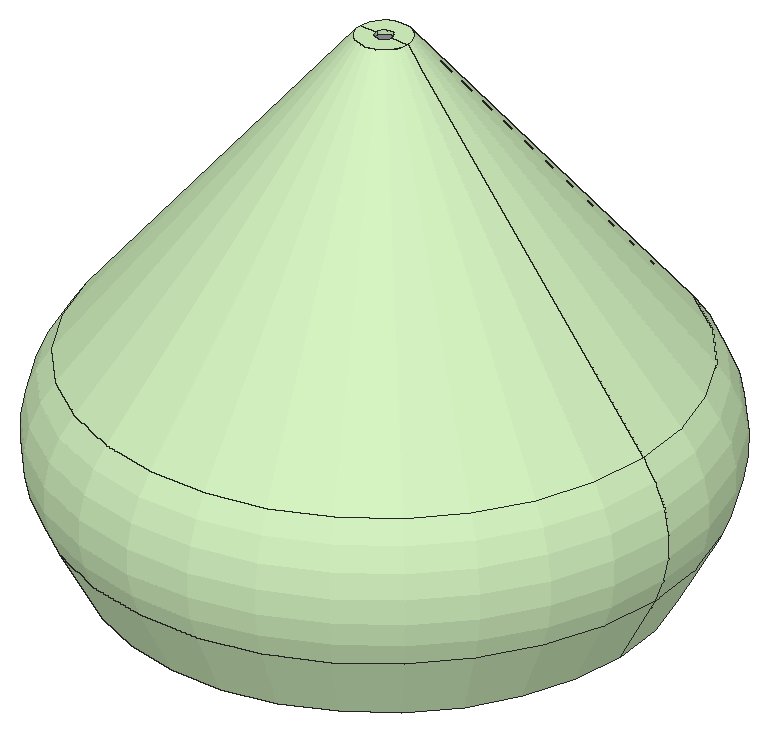
Revit family "PEP SHADE", category Lighting Fixtures, Revit 2024
Family settings
  Round Connector Dimension = Use Diameter
  Part Type = Normal
  OmniClass Number = 23.80.70.00
  OmniClass Title = Lighting
  Work Plane-Based = No
  Always vertical = Yes
  Cut with Voids When Loaded = No
  Light Source = Yes
  Maintain Annotation Orientation = No
  Shared = No
  Room Calculation Point = No
Parameters
  Wattage = 12.1178 W
  built-in parameter 1150110 = 1 (stored number, unit not read)
  built-in parameter 1114217 = 1 (stored number, unit not read)
  built-in parameter 1150109 = 1 (stored number, unit not read)
  built-in parameter 1150134 = (empty or 0)
  built-in parameter 1150113 = 1 (stored number, unit not read)
  Lumens = 1800 lm
  built-in parameter 1150115 = 1 (stored number, unit not read)
  built-in parameter 1150105 = 572.96 (stored number, unit not read)
  Light Source Symbol Size = 2' - 0"
  built-in parameter 1150137 = (empty or 0)
  built-in parameter 1150139 = (empty or 0)
  built-in parameter 1150112 = 1 (stored number, unit not read)
  built-in parameter 1150114 = 1 (stored number, unit not read)
  built-in parameter 1150132 = 2
  built-in parameter 1150102 = (empty or 0)
  built-in parameter 1150138 = (empty or 0)
  built-in parameter 1150107 = 3000 (stored number, unit not read)
  built-in parameter 1150106 = 5.7296 (stored number, unit not read)
  built-in parameter 1150104 = 13.8 (stored number, unit not read)
  Dimming Lamp Color Temperature Shift = (empty or 0)
  Default Elevation = 0' - 0"
  Color Filter = 16777215
  built-in parameter 1114218 = 1 (stored number, unit not read)
  built-in parameter 1150133 = 10 (stored number, unit not read)
Reference planes (in)
  plane 1 "Light Source Axis (F/B)": y = 0
  plane 2: z = 0
  plane 3 "Light Source Axis (L/R)": x = 0
  plane 4 "Light Source Elevation": z = 84
Forms (in)
  Revolve 1, solid
    sketch origin (0, 0, 0) x (1, 0, 0) y (0, 0, 1)
      loop
        line (-0.25, 99) -> (-0.75542, 99) -> (-8.20715, 89.90657)
        arc (-8.20715, 89.90657) -> (-8.99617, 88.00985) -> (-8.57592, 85.99901) r 3.47435
        line (-8.57592, 85.99901) -> (-7.46785, 84) -> (-7.36066, 84) -> (-8.49392, 86.04447)
        arc (-8.49392, 86.04447) -> (-8.90281, 88.00122) -> (-8.13487, 89.84686) r 3.3806
        line (-8.13487, 89.84686) -> (-0.71104, 98.90625) -> (-0.25, 98.90625) -> (-0.25, 99)
      axis (0, 84) -> (0, 99)
    angle from 0 to 360
Dimensions and locks (in)
  aligned and locked: plane 3 "Light Source Axis (L/R)" to imposter light
  aligned and locked: plane 1 "Light Source Axis (F/B)" to imposter light
  aligned and locked: plane 4 "Light Source Elevation" to imposter light
  aligned and locked: level to plane 2
